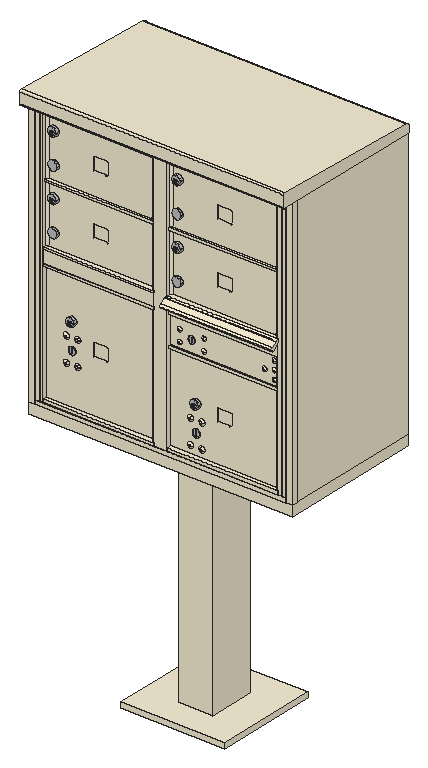
Revit family "Mailboxes_Cluster_Box_Units-Salsbury_Industries-Type_I_II_III_IV_V_VI", category Specialty Equipment, Revit 2016 (continued)
Definition of nested family "3300 Series CBU C-Door Configurations"
  Lines and regions (in)
    symbolic lines, visible <- "Visible Guides"
      curve 1: line (-6.4425, 0, 7) -> (6.4425, 0, 7)
      curve 2: line (-6.4425, 0, 0) -> (-6.4425, 0, 7)
      curve 3: line (6.4425, 0, 0) -> (-6.4425, 0, 0)
      curve 4: line (6.4425, 0, 7) -> (6.4425, 0, 0)
      curve 5: line (6.2475, 0, 0) -> (6.2475, 0, 6.75)
      curve 6: line (6.4425, 0, 6.75) -> (-6.4425, 0, 6.75)
      curve 7: line (5.99808, 0, 0) -> (5.99808, 0, 6.75)
      curve 8: circle (-5.49983, 0, 5.14878) r 0.5256 normal (0, -1, 0)
  Dimensions and locks (in)
    equal spacing: plane 6 "Back Face of Door", plane 1 "Center (Front/Back)", plane 7 "Front Face of Door"
    "Door Depth": plane 6 "Back Face of Door" to plane 7 "Front Face of Door"
    equal spacing: plane 4 "Left Side Face of Door", plane 3 "Center (Left/Right)", plane 5 "Right Side Face of Door"  (x2)
    "Door Width": plane 4 "Left Side Face of Door" to plane 5 "Right Side Face of Door"
    plane 7 "Front Face of Door" to plane 10 "Face of Divider" = 0.312"
    "Center Lock-Horizontal": plane 4 "Left Side Face of Door" to plane 11 "Center Lock Vertical"
    "Inset Offset": plane 16 "Inset Offset" to plane 7 "Front Face of Door"
    plane 4 "Left Side Face of Door" to plane 5 "Right Side Face of Door" = 12.885"
    plane 6 "Back Face of Door" to plane 10 "Face of Divider" = 0.426"  (x2)
    "Door Height": plane 8 to plane 2 "Bottom of Door"
    equal spacing: plane 8, plane 9, plane 2 "Bottom of Door"
    locked: plane 14 "Divider Height Align" to plane 8 at 0.25
    plane 17 to plane 9 to plane 18 = 0.37515" locked, 0.37452" locked
    plane 10 "Face of Divider" to plane 7 "Front Face of Door" = 0.312"
    locked: plane 10 "Face of Divider" to plane 13 "Face of Lock" at 0.01517
    "Center Lock-Vertical": plane 12 "Center Lock Horizontal" to plane 2 "Bottom of Door"
    plane 19 to plane 2 "Bottom of Door" = 1.605"
    plane 13 "Face of Lock" to plane 20 = 0.08152"
    aligned and locked: level to plane 2 "Bottom of Door"
    aligned and locked: plane 4 "Left Side Face of Door" to Extrusion 1
    aligned and locked: plane 6 "Back Face of Door" to Extrusion 1
    aligned and locked: plane 7 "Front Face of Door" to Extrusion 1
    aligned and locked: plane 8 to Extrusion 1
    aligned and locked: Extrusion 3 sketch curve to plane 4 "Left Side Face of Door"
    aligned and locked: Extrusion 3 sketch curve to plane 6 "Back Face of Door"
    aligned and locked: plane 5 "Right Side Face of Door" to Extrusion 3 sketch curve
    aligned and locked: Extrusion 3 to plane 8
    aligned and locked: plane 10 "Face of Divider" to Extrusion 3 sketch curve
    aligned and locked: plane 14 "Divider Height Align" to Extrusion 3
    aligned and locked: cut or joined group of Extrusion 1, Extrusion 6 to plane 2 "Bottom of Door"
    aligned and locked: plane 18 to text3d elem
    aligned and locked: curve 1 to Extrusion 3
    aligned and locked: curve 2 to Extrusion 3
    aligned and locked: curve 3 to cut or joined group of Extrusion 1, Extrusion 6
    aligned and locked: curve 4 to cut or joined group of Extrusion 1, Extrusion 6
    aligned and locked: curve 5 to cut or joined group of Extrusion 1, Extrusion 6
    aligned and locked: curve 6 to Extrusion 3
    aligned and locked: curve 7 to cut or joined group of Extrusion 1, Extrusion 6
    aligned and locked: plane 7 "Front Face of Door" to Extrusion 10
    aligned and locked: plane 20 to Extrusion 10
  Automatic sketch dimensions
    Extrusion 4 sketch curve to Extrusion 4 sketch curve = 0.285"
    Extrusion 6 sketch curve to plane 9 = 0.750"
    Extrusion 6 sketch curve to Extrusion 6 sketch curve = 0.125"  (x3)
    plane 9 to Extrusion 6 sketch curve = 0.625"  (x2)
    plane 3 "Center (Left/Right)" to Extrusion 6 sketch curve = 0.7775"
    plane 15 "Inset Center" to Extrusion 6 sketch curve = 0.750"
    Extrusion 5 sketch curve to Extrusion 5 sketch curve = 0.060"
    Extrusion 5 sketch curve to Extrusion 5 sketch curve = 0.300"
    Extrusion 8 sketch curve to Extrusion 8 sketch curve = 0.285"
    Extrusion 9 sketch curve to Extrusion 9 sketch curve = 0.060"
    Extrusion 9 sketch curve to Extrusion 9 sketch curve = 0.300"
    Extrusion 4 sketch curve to Extrusion 4 sketch curve = 0.000"  (x2)
    Extrusion 8 sketch curve to Extrusion 8 sketch curve = 0.000"  (x2)
    curve 8 to plane 11 "Center Lock Vertical" = 0.00067"
    plane 12 "Center Lock Horizontal" to curve 8 = 0.00378"
    Extrusion 1 sketch curve to plane 4 "Left Side Face of Door" = 0.000"
    Extrusion 1 sketch curve to plane 7 "Front Face of Door" = 0.000"
    Extrusion 1 sketch curve to plane 5 "Right Side Face of Door" = 0.000"
    Extrusion 1 sketch curve to plane 6 "Back Face of Door" = 0.000"
    Extrusion 1 sketch curve to Extrusion 1 sketch curve = 0.07534"
    Extrusion 1 sketch curve to Extrusion 1 sketch curve = 0.21183"
    Extrusion 1 sketch curve to plane 13 "Face of Lock" = 0.11122"
    plane 5 "Right Side Face of Door" to Extrusion 1 sketch curve = 0.61221"
    Extrusion 1 sketch curve to plane 7 "Front Face of Door" = 0.090"
    plane 5 "Right Side Face of Door" to Extrusion 1 sketch curve = 0.22088"
    Extrusion 1 sketch curve to Extrusion 1 sketch curve = 0.02588"
    plane 13 "Face of Lock" to Extrusion 1 sketch curve = 0.0053"
    Extrusion 1 sketch curve to Extrusion 1 sketch curve = 0.03534"
    Extrusion 10 sketch curve to plane 11 "Center Lock Vertical" = 0.000"
    Extrusion 10 sketch curve to plane 19 = 0.000"
    radius of Blend 2 sketch curve = 0.525"
    radius of Blend 2 sketch curve = 0.485"
    radius of Blend 7 sketch curve = 0.525"
    radius of Blend 7 sketch curve = 0.485"
    radius of curve 8 = 0.5256"
    radius of Extrusion 10 sketch curve = 0.525"
Definition of nested family "3300 Series CBU Parcel Configurations"
  Parameters (values of type "CBU Large Parcel without Divider")
    Weight = ""
    Visible Door Number = yes
    URL = ""
    Parcel Lock = yes
    Number Inset = yes
    Model = "3300 Parcel Door"
    Manufacturer = "Salsbury Industries"
    Lock Offset = 8.887"
    Lock Material = none
    Door Width = 12.885"
    Door Number [instance] = "1P"
    Front Panel Material = none
    Door Height = 13.750"
    Door Divider = no
    Door Depth = 0.114"
    Description = "Large Parcel Door for 3300 Series CBU Cluster Box Units"
    Cost = 0
    Center Lock-Vertical = 3.025"
    Center Lock-Horizontal = 3.025"
  Types (3): name | Lock Offset | Door Height | Door Divider | Description
    CBU Large Parcel | 8.887" | 13.750" | yes | "Large Parcel Door for 3300 Series CBU Cluster Box Units"
    CBU Small Parcel | 5.394" | 10.250" | yes | "Small Parcel Door for 3300 Series CBU Cluster Box Units"
    CBU Large Parcel without Divider | 8.887" | 13.750" | no | "Large Parcel Door for 3300 Series CBU Cluster Box Units"
  Reference planes (in)
    plane 1 "Center (Front/Back)": y = 0
    plane 2 "Bottom of Door": z = 0
    plane 3 "Center (Left/Right)": x = 0
    plane 4 "Left Side Face of Door": x = -6.4425
    plane 5 "Right Side Face of Door": x = 6.4425
    plane 6 "Back Face of Door": y = 0.057
    plane 7 "Front Face of Door": y = -0.057
    plane 8: z = 13.75
    plane 9 "Horiztonal Center of Door": z = 6.875
    plane 10 "Front Face of Divider": y = -0.369
    plane 11 "Center Lock Vertical": x = -3.4175
    plane 12 "Face of Lock": y = -0.42383
    plane 13 "Divider Height Align": z = 14
    plane 14 "Inset Center": x = -0.0975
    plane 15 "Bottom lock align": z = 5.79755
    plane 16 "Top Stud Align": z = 7.17255
    plane 17 "Bottom Stud Align": z = 4.36053
    plane 18 "Left Stud Align": x = -4.0738
    plane 19 "Right Stud Align": x = -2.7613
    plane 20 "Lock Center Align": z = 8.887
    plane 21: z = 8.74228
    plane 22: z = 8.5953
    plane 23 "PL6 Lock Offset Align": z = 0
    plane 24: y = -0.18295
    plane 25: z = 7.625
    plane 26: z = 6.125
    plane 27: z = 7.25
    plane 28: z = 6.5
  Forms (in)
    Extrusion 1, solid, material <- "Front Panel Material", visible <- "Number Inset"
      sketch origin (0, 0, 0) x (1, 0, 0) y (0, 1, 0)
        loop
          line (-6.4425, 0.057) -> (-6.4425, -0.057) -> (5.83029, -0.057)
          arc (5.83029, -0.057) -> (5.92959, -0.0858) -> (5.99808, -0.16325) r 0.18561
          arc (5.99808, -0.16325) -> (6.08667, -0.30916) -> (6.2475, -0.36636) r 0.2547
          arc (6.2475, -0.36636) -> (6.3867, -0.29375) -> (6.4425, -0.147) r 0.22088
          line (6.4425, -0.147) -> (6.4425, 0.057) -> (-6.4425, 0.057)
      from 0 to 13.75
    Blend 2, solid, material <- "Lock Material"
      base sketch origin (0, -0.057, 0) x (-1, 0, 0) y (0, 0, 1)
        loop
          circle (3.4175, 8.887) r 0.5
      top sketch origin (0, -0.057, 0) x (-1, 0, 0) y (0, 0, 1)
        loop
          circle (3.4175, 8.887) r 0.485
      from 0 to -0.29688
    Extrusion 3, solid, material <- "Front Panel Material", visible <- "Door Divider"
      sketch origin (0, 0, 14) x (-1, 0, 0) y (0, -1, 0)
        loop
          line (6.4425, -0.057) -> (6.4425, 0.369) -> (-6.4425, 0.369) -> (-6.4425, -0.057) -> (6.4425, -0.057)
      from -0.25 to 0
    Extrusion 4, void
      sketch origin (1.55773, -0.35387, 11.93273) x (0, 0, 1) y (-1, 0, 0)
        loop
          circle (-3.16573, 4.97523) r 0.285
      from 0 to -0.01562
    Extrusion 5, void
      sketch origin (0, -0.35387, 0) x (1, 0, 0) y (0, 0, 1)
        loop
          line (-3.44683, 8.887) -> (-3.44683, 8.5953) -> (-3.38683, 8.5953) -> (-3.38683, 8.887) -> (-3.44683, 8.887)
      from 0 to -0.03906
    Extrusion 6, void, detail levels medium+fine
      sketch origin (0, -0.057, 0) x (-1, 0, 0) y (0, 0, 1)
        loop
          line (0.8475, 7.625) -> (-0.6525, 7.625)
          arc (-0.6525, 7.625) -> (-0.74089, 7.58839) -> (-0.7775, 7.5) r 0.125
          line (-0.7775, 7.5) -> (-0.7775, 6.25)
          arc (-0.7775, 6.25) -> (-0.74089, 6.16161) -> (-0.6525, 6.125) r 0.125
          line (-0.6525, 6.125) -> (0.8475, 6.125)
          arc (0.8475, 6.125) -> (0.93589, 6.16161) -> (0.9725, 6.25) r 0.125
          line (0.9725, 6.25) -> (0.9725, 7.5)
          arc (0.9725, 7.5) -> (0.93589, 7.58839) -> (0.8475, 7.625) r 0.125
      from 0 to 0.03906
    Extrusion 7, void
      sketch origin (0, -0.057, 0) x (-1, 0, 0) y (0, 0, 1)
        loop
          circle (3.4175, 5.79755) r 0.4375
      from 0 to 0.25391
    Extrusion 8, solid, material <- "Lock Material", visible <- "Parcel Lock"
      sketch origin (0, 0.057, 0) x (-1, 0, 0) y (0, 0, 1)
        loop
          circle (3.4175, 5.79755) r 0.42913
      from 0 to -0.114
    Extrusion 9, void
      sketch origin (0, 0.057, 0) x (-1, 0, 0) y (0, 0, 1)
        loop
          line (3.4468, 6.10714) -> (3.3882, 6.10714) -> (3.3882, 5.48795) -> (3.4468, 5.48795) -> (3.4468, 6.10714)
      from -0.057 to -0.114
    Blend 10, solid, material <- "Front Panel Material", detail levels medium+fine
      base sketch origin (0, -0.12695, -2.2297) x (-1, 0, 0) y (0, 0, 1)
        loop
          circle (4.0738, 6.59023) r 0.15665
      top sketch origin (0, -0.12695, -2.2297) x (-1, 0, 0) y (0, 0, 1)
        loop
          circle (4.0738, 6.59023) r 0.3125
      from -0.056 to 0.06995
    Blend 11, solid, material <- "Front Panel Material", detail levels medium+fine
      base sketch origin (1.3125, -0.12695, -3.9797) x (-1, 0, 0) y (0, 0, 1)
        loop
          circle (4.0738, 8.34023) r 0.15665
      top sketch origin (1.3125, -0.12695, -3.9797) x (-1, 0, 0) y (0, 0, 1)
        loop
          circle (4.0738, 8.34023) r 0.3125
      from -0.056 to 0.06995
    Blend 12, solid, material <- "Front Panel Material", detail levels medium+fine
      base sketch origin (0, -0.12695, 4.08231) x (-1, 0, 0) y (0, 0, 1)
        loop
          circle (4.0738, 3.09023) r 0.15665
      top sketch origin (0, -0.12695, 4.08231) x (-1, 0, 0) y (0, 0, 1)
        loop
          circle (4.0738, 3.09023) r 0.3125
      from -0.056 to 0.06995
    Blend 13, solid, material <- "Front Panel Material", detail levels medium+fine
      base sketch origin (1.3125, -0.12695, 2.33231) x (-1, 0, 0) y (0, 0, 1)
        loop
          circle (4.0738, 4.84023) r 0.15665
      top sketch origin (1.3125, -0.12695, 2.33231) x (-1, 0, 0) y (0, 0, 1)
        loop
          circle (4.0738, 4.84023) r 0.3125
      from -0.056 to 0.06995
  Cuts and joins
    Extrusion 4, Extrusion 5 cuts Blend 2
    Extrusion 6, Extrusion 7 cuts Extrusion 1
    Extrusion 9 cuts Extrusion 8
  Lines and regions (in)
    symbolic lines
      curve 1: line (-6.4425, -0.057, 14) -> (6.4425, -0.057, 14)
      curve 2: line (-6.4425, -0.057, 0) -> (-6.4425, -0.057, 14)
      curve 3: line (6.4425, -0.057, 0) -> (-6.4425, -0.057, 0)
      curve 4: line (6.4425, -0.057, 14) -> (6.4425, -0.057, 0)
      curve 5: line (-6.4425, -0.057, 13.75) -> (6.4425, -0.057, 13.75)
      curve 6: line (5.99808, -0.057, 0) -> (5.99808, -0.057, 13.75)
      curve 7: line (6.2475, -0.057, 0) -> (6.2475, -0.057, 13.75)
      curve 8: circle (-3.41683, -0.057, 8.887) r 0.50041 normal (0, 1, 0)
      curve 9: circle (-3.4175, -0.057, 5.79755) r 0.42913 normal (0, 1, 0)
      curve 10: circle (-4.0738, -0.057, 7.17255) r 0.3125 normal (0, 1, 0)
      curve 11: circle (-2.7613, -0.057, 7.17255) r 0.3125 normal (0, 1, 0)
      curve 12: circle (-2.7613, -0.057, 4.36053) r 0.3125 normal (0, 1, 0)
      curve 13: circle (-4.0738, -0.057, 4.36053) r 0.3125 normal (0, 1, 0)
  Dimensions and locks (in)
    equal spacing: plane 6 "Back Face of Door", plane 1 "Center (Front/Back)", plane 7 "Front Face of Door"
    "Door Depth": plane 6 "Back Face of Door" to plane 7 "Front Face of Door"
    equal spacing: plane 4 "Left Side Face of Door", plane 3 "Center (Left/Right)", plane 5 "Right Side Face of Door"
    "Door Width": plane 4 "Left Side Face of Door" to plane 5 "Right Side Face of Door"
    equal spacing: plane 8, plane 9 "Horiztonal Center of Door", level
    plane 7 "Front Face of Door" to plane 10 "Front Face of Divider" = 0.312"
    "Center Lock-Vertical": plane 4 "Left Side Face of Door" to plane 11 "Center Lock Vertical"
    locked: plane 13 "Divider Height Align" to plane 8 at 0.25
    plane 6 "Back Face of Door" to plane 10 "Front Face of Divider" = 0.426"
    plane 4 "Left Side Face of Door" to plane 5 "Right Side Face of Door" = 12.885"
    plane 20 "Lock Center Align" to plane 21 to plane 22 = 0.14472" locked, 0.14698" locked
    plane 20 "Lock Center Align" to plane 16 "Top Stud Align" to plane 15 "Bottom lock align" to plane 17 "Bottom Stud Align" = 1.71445", 1.375", 1.43701" locked
    "Lock Offset": plane 20 "Lock Center Align" to level
    "Door Height": plane 8 to plane 2 "Bottom of Door"
    plane 18 "Left Stud Align" to plane 11 "Center Lock Vertical" to plane 19 "Right Stud Align" = 0.6563" locked, 0.6562" locked
    plane 25 to plane 9 "Horiztonal Center of Door" to plane 26 = 0.750" locked, 0.750" locked
    plane 27 to plane 9 "Horiztonal Center of Door" to plane 28 = 0.375", 0.375"
    aligned and locked: level to plane 2 "Bottom of Door"
    aligned and locked: plane 4 "Left Side Face of Door" to Extrusion 1
    aligned and locked: plane 6 "Back Face of Door" to Extrusion 1
    aligned and locked: plane 7 "Front Face of Door" to Extrusion 1
    aligned and locked: Extrusion 1 to level
    aligned and locked: plane 8 to Extrusion 1
    aligned and locked: Extrusion 3 sketch curve to plane 4 "Left Side Face of Door"
    aligned and locked: Extrusion 3 sketch curve to plane 6 "Back Face of Door"
    aligned and locked: plane 5 "Right Side Face of Door" to Extrusion 3 sketch curve
    aligned and locked: Extrusion 3 to plane 8
    aligned and locked: plane 13 "Divider Height Align" to Extrusion 3
    aligned and locked: plane 4 "Left Side Face of Door" to Extrusion 3
    aligned and locked: Extrusion 3 to plane 5 "Right Side Face of Door"
    aligned and locked: Blend 10 to cut or joined group of Extrusion 1, Extrusion 6, Extrusion 7
    aligned and locked: Blend 11 to cut or joined group of Extrusion 1, Extrusion 6, Extrusion 7
    aligned and locked: Blend 12 to cut or joined group of Extrusion 1, Extrusion 6, Extrusion 7
    aligned and locked: Blend 13 to cut or joined group of Extrusion 1, Extrusion 6, Extrusion 7
    aligned and locked: plane 16 "Top Stud Align" to Blend 12
    aligned and locked: plane 16 "Top Stud Align" to Blend 13
    aligned and locked: plane 17 "Bottom Stud Align" to Blend 10
    aligned and locked: plane 17 "Bottom Stud Align" to Blend 11
    aligned and locked: plane 22 to cut or joined group of Blend 2, Extrusion 4, Extrusion 5
    aligned and locked: plane 20 "Lock Center Align" to cut or joined group of Blend 2, Extrusion 4, Extrusion 5
    aligned and locked: cut or joined group of Extrusion 1, Extrusion 6, Extrusion 7 to plane 23 "PL6 Lock Offset Align"
    aligned and locked: Extrusion 8 to plane 7 "Front Face of Door"
    aligned and locked: Extrusion 3 to plane 10 "Front Face of Divider"
    aligned and locked: plane 25 to cut or joined group of Extrusion 1, Extrusion 6, Extrusion 7
    aligned and locked: plane 26 to cut or joined group of Extrusion 1, Extrusion 6, Extrusion 7
    aligned and locked: Extrusion 6 sketch curve to plane 25
    aligned and locked: plane 26 to Extrusion 6 sketch curve
    aligned and locked: plane 28 to text3d elem
    aligned and locked: plane 27 to text3d elem
    aligned and locked: curve 1 to Extrusion 3
    aligned and locked: curve 2 to Extrusion 3
    aligned and locked: curve 3 to cut or joined group of Extrusion 1, Extrusion 6, Extrusion 7
    aligned and locked: curve 4 to cut or joined group of Extrusion 1, Extrusion 6, Extrusion 7
    aligned and locked: curve 5 to Extrusion 3
    aligned and locked: curve 6 to cut or joined group of Extrusion 1, Extrusion 6, Extrusion 7
    aligned and locked: curve 7 to cut or joined group of Extrusion 1, Extrusion 6, Extrusion 7
  Automatic sketch dimensions
    plane 11 "Center Lock Vertical" to Extrusion 7 sketch curve = 0.000"
    Extrusion 7 sketch curve to plane 15 "Bottom lock align" = 0.000"
    plane 11 "Center Lock Vertical" to Extrusion 8 sketch curve = 0.000"
    Extrusion 8 sketch curve to plane 15 "Bottom lock align" = 0.000"
    Extrusion 9 sketch curve to plane 11 "Center Lock Vertical" = 0.0293"
    plane 11 "Center Lock Vertical" to Extrusion 9 sketch curve = 0.0293"
    Extrusion 9 sketch curve to plane 15 "Bottom lock align" = 0.30959"
    plane 15 "Bottom lock align" to Extrusion 9 sketch curve = 0.30959"
    Blend 10 sketch curve to plane 18 "Left Stud Align" = 0.000"  (x2)
    Blend 11 sketch curve to plane 19 "Right Stud Align" = 0.000"  (x2)
    plane 18 "Left Stud Align" to Blend 12 sketch curve = 0.000"  (x2)
    plane 19 "Right Stud Align" to Blend 13 sketch curve = 0.000"  (x2)
    Blend 12 sketch curve to plane 16 "Top Stud Align" = 0.000"  (x2)
    Blend 13 sketch curve to plane 16 "Top Stud Align" = 0.000"  (x2)
    plane 17 "Bottom Stud Align" to Blend 10 sketch curve = 0.000"  (x2)
    plane 17 "Bottom Stud Align" to Blend 11 sketch curve = 0.000"  (x2)
    Extrusion 4 sketch curve to Extrusion 4 sketch curve = 0.000"  (x2)
    plane 11 "Center Lock Vertical" to Extrusion 4 sketch curve = 0.000"
    plane 21 to Extrusion 4 sketch curve = 0.02472"
    Extrusion 4 sketch curve to plane 11 "Center Lock Vertical" = 0.285"
    plane 11 "Center Lock Vertical" to Blend 2 sketch curve = 0.000"  (x2)
    Blend 2 sketch curve to plane 20 "Lock Center Align" = 0.000"  (x2)
    Extrusion 3 sketch curve to plane 10 "Front Face of Divider" = 0.000"
    Extrusion 5 sketch curve to plane 22 = 0.000"
    Extrusion 5 sketch curve to plane 20 "Lock Center Align" = 0.000"
    plane 11 "Center Lock Vertical" to Extrusion 5 sketch curve = 0.02933"
    Extrusion 5 sketch curve to plane 11 "Center Lock Vertical" = 0.03067"
    Extrusion 1 sketch curve to plane 4 "Left Side Face of Door" = 0.000"
    Extrusion 1 sketch curve to plane 7 "Front Face of Door" = 0.000"
    Extrusion 1 sketch curve to plane 5 "Right Side Face of Door" = 0.000"
    Extrusion 1 sketch curve to plane 6 "Back Face of Door" = 0.000"
    Extrusion 1 sketch curve to plane 24 = 0.05966"
    plane 5 "Right Side Face of Door" to Extrusion 1 sketch curve = 0.61221"
    plane 24 to Extrusion 1 sketch curve = 0.03596"
    Extrusion 1 sketch curve to Extrusion 1 sketch curve = 0.22088"
    Extrusion 1 sketch curve to Extrusion 1 sketch curve = 0.02588"
    Extrusion 1 sketch curve to Extrusion 1 sketch curve = 0.03534"
    plane 3 "Center (Left/Right)" to Extrusion 6 sketch curve = 0.7775"
    Extrusion 6 sketch curve to Extrusion 6 sketch curve = 0.125"  (x3)
    plane 14 "Inset Center" to Extrusion 6 sketch curve = 0.750"  (x2)
    curve 12 to plane 17 "Bottom Stud Align" = 0.000"
    plane 19 "Right Stud Align" to curve 12 = 0.000"
    curve 11 to plane 16 "Top Stud Align" = 0.000"
    plane 19 "Right Stud Align" to curve 11 = 0.000"
    curve 8 to plane 20 "Lock Center Align" = 0.000"
    plane 11 "Center Lock Vertical" to curve 9 = 0.000"
    curve 10 to plane 16 "Top Stud Align" = 0.000"
    plane 18 "Left Stud Align" to curve 10 = 0.000"
    curve 13 to plane 17 "Bottom Stud Align" = 0.000"
    plane 18 "Left Stud Align" to curve 13 = 0.000"
    curve 9 to plane 15 "Bottom lock align" = 0.000"
    curve 8 to plane 11 "Center Lock Vertical" = 0.00067"
    radius of Extrusion 7 sketch curve = 0.4375"
    radius of Extrusion 8 sketch curve = 0.42913"
    radius of Blend 10 sketch curve = 0.15665"
    radius of Blend 10 sketch curve = 0.3125"
    radius of Blend 11 sketch curve = 0.15665"
    radius of Blend 11 sketch curve = 0.3125"
    radius of Blend 12 sketch curve = 0.15665"
    radius of Blend 12 sketch curve = 0.3125"
    radius of Blend 13 sketch curve = 0.15665"
    radius of Blend 13 sketch curve = 0.3125"
    radius of Blend 2 sketch curve = 0.500"
    radius of Blend 2 sketch curve = 0.485"
    radius of curve 8 = 0.50041"
    radius of curve 9 = 0.42913"
    radius of curve 10 = 0.3125"
    radius of curve 11 = 0.3125"
    radius of curve 12 = 0.3125"
    radius of curve 13 = 0.3125"
Definition of nested family "3300 Series CBU Small Mail Configuration"
  Parameters (values of type "Small Mail Door")
    Weight = ""
    URL = ""
    Top Stud Alignment = 2.000"
    Parcel Lock = yes
    Model = "3700OM2"
    Manufacturer = "Salsbury Industries"
    Mail Plate Text Height = 0.34945"
    Lock Material = none
    Front Panel Material = none
    Door Width = 12.885"
    Door Number [instance] = "101"
    Door Height = 5.250"
    Door Depth = 0.171"
    Description = "OM2 Door for 3700 Series 4C Mailboxes"
    Cost = 0
    Center Lock-Vertical = 2.550"
    Center Lock-Horizontal = 1.927"
  Reference planes (in)
    plane 1 "Center (Front/Back)": y = 0
    plane 2 "Bottom of Door": z = 0
    plane 3 "Center (Left/Right)": x = 0
    plane 4 "Left Side Face of Door": x = -6.4425
    plane 5 "Right Side Face of Door": x = 6.4425
    plane 6 "Back Face of Door": y = 0.0855
    plane 7 "Front Face of Door": y = -0.0855
    plane 8: z = 3.25
    plane 9 "Center": z = 1.625
    plane 10 "Face of Mail Drop": y = -0.3405
    plane 11 "Center Lock Vertical": x = -3.8925
    plane 12 "Center Lock Horizontal": z = 1.323
    plane 13 "Protrusion Start": y = -0.52801
    plane 14 "Divider Height Align": z = 3.251
    plane 15 "Plate Center": x = -0.16063
    plane 16 "Left Stud Align": x = -5.2675
    plane 17 "Right Stud Align": x = -2.4555
    plane 18 "Top Stud Align": z = 1.979
    plane 19 "Bottom Stud Align": z = 0.667
    plane 20 "Top of Mail Drop Divider": z = 5.25
    plane 21 "Top of Mail Slot": z = 4.6704
    plane 22 "Bottom of Mail Slot": z = 3.995
    plane 23 "Left Edge of Mail Slot": x = -5.8585
    plane 24 "Right Edge of Mail Slot": x = 5.8585
    plane 25 "Mail Slot Bottom Protusion": z = 4.7954
    plane 26: y = -0.424
    plane 27: z = 4.4059
    plane 28 "Hing Alignment": x = 5.6715
    plane 29 "Hinge Stud 1": z = 0.575
    plane 30 "Hinge Stud 3": z = 1.575
    plane 31 "Hinge Stud 4": z = 2.575
    plane 32: x = 4.5245
    plane 33: z = 1.55983
    plane 34: z = 1.07581
    plane 35: z = 1.54976
    plane 36: z = 1.09595
  Forms (in)
    Extrusion 1, solid, material <- "Front Panel Material"
      sketch origin (0, 0, 0) x (1, 0, 0) y (0, 1, 0)
        loop
          line (-6.4425, 0.0855) -> (-6.4425, -0.0855) -> (5.8458, -0.0855)
          arc (5.8458, -0.0855) -> (5.96407, -0.1166) -> (6.05175, -0.20184) r 0.24047
          arc (6.05175, -0.20184) -> (6.13128, -0.29316) -> (6.2475, -0.32718) r 0.21552
          arc (6.2475, -0.32718) -> (6.38241, -0.2966) -> (6.4425, -0.172) r 0.15925
          line (6.4425, -0.172) -> (6.4425, 0.0855) -> (-6.4425, 0.0855)
      from 0 to 3.25
    Extrusion 2, void
      sketch origin (0, -0.0855, 3.098) x (-1, 0, 0) y (0, 0, 1)
        loop
          circle (3.8925, -1.775) r 0.407
      from 0 to 0.25391
    Extrusion 3, solid, material <- "Lock Material", visible <- "Parcel Lock"
      sketch origin (0, 0.0855, 3.09941) x (-1, 0, 0) y (0, 0, 1)
        loop
          circle (3.8925, -1.775) r 0.387
      from 0 to -0.171
    Blend 4, solid, material <- "Front Panel Material", detail levels medium+fine
      base sketch origin (0, -0.0855, 2.68123) x (-1, 0, 0) y (0, 0, 1)
        loop
          circle (5.2675, -0.70223) r 0.1
      top sketch origin (0, -0.0855, 2.68123) x (-1, 0, 0) y (0, 0, 1)
        loop
          circle (5.2675, -0.70223) r 0.227
      from -0.11328 to 0
    Blend 5, solid, material <- "Front Panel Material", detail levels medium+fine
      base sketch origin (1.3125, -0.0855, 2.68123) x (-1, 0, 0) y (0, 0, 1)
        loop
          circle (3.768, -0.70223) r 0.1
      top sketch origin (1.3125, -0.0855, 2.68123) x (-1, 0, 0) y (0, 0, 1)
        loop
          circle (3.768, -0.70223) r 0.227
      from -0.11328 to 0
    Blend 6, solid, material <- "Front Panel Material", detail levels medium+fine
      base sketch origin (0, -0.0855, 1.36923) x (-1, 0, 0) y (0, 0, 1)
        loop
          circle (5.2675, -0.70223) r 0.1
      top sketch origin (0, -0.0855, 1.36923) x (-1, 0, 0) y (0, 0, 1)
        loop
          circle (5.2675, -0.70223) r 0.227
      from -0.11328 to 0
    Blend 7, solid, material <- "Front Panel Material", detail levels medium+fine
      base sketch origin (1.3125, -0.0855, 1.36923) x (-1, 0, 0) y (0, 0, 1)
        loop
          circle (3.768, -0.70223) r 0.1
      top sketch origin (1.3125, -0.0855, 1.36923) x (-1, 0, 0) y (0, 0, 1)
        loop
          circle (3.768, -0.70223) r 0.227
      from -0.11328 to 0
    Extrusion 8, solid, material <- "Front Panel Material"
      sketch origin (-2.13946, 0, 3.251) x (-1, 0, 0) y (0, -1, 0)
        loop
          line (4.30304, -0.0855) -> (4.30304, 0.3405) -> (-8.58196, 0.3405) -> (-8.58196, -0.0855) -> (4.30304, -0.0855)
      from 0 to 1.5444
    Extrusion 9, void
      sketch origin (0, -0.275, 0) x (0, 0, -1) y (-1, 0, 0)
        loop
          arc (-3.995, 5.59361) -> (-4.3952, 5.99381) -> (-4.7954, 5.59361) r 0.4002
          line (-4.7954, 5.59361) -> (-4.7954, -5.59342)
          arc (-4.7954, -5.59342) -> (-4.3952, -5.99362) -> (-3.995, -5.59342) r 0.4002
          line (-3.995, -5.59342) -> (-3.995, 5.59361)
      from -0.0655 to 0.3605
    Blend 10, solid, material <- "Front Panel Material", detail levels medium+fine
      base sketch origin (0, -0.0855, 0) x (-1, 0, 0) y (0, 0, 1)
        loop
          circle (-5.672, 0.575) r 0.1
      top sketch origin (0, -0.0855, 0) x (-1, 0, 0) y (0, 0, 1)
        loop
          circle (-5.672, 0.575) r 0.227
      from -0.11328 to 0
    Blend 11, solid, material <- "Front Panel Material", detail levels medium+fine
      base sketch origin (0, -0.0855, 0) x (-1, 0, 0) y (0, 0, 1)
        loop
          circle (-5.6715, 1.575) r 0.1
      top sketch origin (0, -0.0855, 0) x (-1, 0, 0) y (0, 0, 1)
        loop
          circle (-5.6715, 1.575) r 0.227
      from -0.11328 to 0
    Blend 12, solid, material <- "Front Panel Material", detail levels medium+fine
      base sketch origin (0, -0.0855, 0) x (-1, 0, 0) y (0, 0, 1)
        loop
          circle (-5.6715, 2.575) r 0.1
      top sketch origin (0, -0.0855, 0) x (-1, 0, 0) y (0, 0, 1)
        loop
          circle (-5.6715, 2.575) r 0.227
      from -0.11328 to 0
    Blend 13, solid, material <- "Front Panel Material", detail levels medium+fine
      base sketch origin (0, -0.0855, 0) x (-1, 0, 0) y (0, 0, 1)
        loop
          circle (-4.54354, 1.323) r 0.1
      top sketch origin (0, -0.0855, 0) x (-1, 0, 0) y (0, 0, 1)
        loop
          circle (-4.54354, 1.323) r 0.227
      from -0.11328 to 0
    Extrusion 14, solid, material <- "Front Panel Material"
      sketch origin (0, 0.12945, 0) x (0, 1, 0) y (0, 0, 1)
        loop
          line (-0.04395, 4.7954) -> (-0.04395, 5.25) -> (-0.65745, 5.25) -> (-0.88554, 5.0876) -> (-0.86234, 5.05501) -> (-1.43235, 4.64917) -> (-1.45555, 4.68175) -> (-1.65921, 4.53675) -> (-1.4707, 4.272) -> (-0.65745, 4.85104)
          arc (-0.65745, 4.85104) -> (-0.55014, 4.86892) -> (-0.46995, 4.7954) r 0.12413
          line (-0.46995, 4.7954) -> (-0.04395, 4.7954)
      from -6.4425 to 6.4425
    Extrusion 15, void
      sketch origin (0, 0.0855, 3.58463) x (-1, 0, 0) y (0, 0, 1)
        loop
          line (3.9218, -2.0248) -> (3.8632, -2.0248) -> (3.8632, -2.50882) -> (3.9218, -2.50882) -> (3.9218, -2.0248)
      from -0.0855 to -0.1902
  Cuts and joins
    Extrusion 2 cuts Extrusion 1
    Extrusion 9 cuts Extrusion 8
    Extrusion 15 cuts Extrusion 3
  Lines and regions (in)
    reference lines
      curve 1: line (0, -0.73289, 5.05501) -> (0, -1.50655, 4.50416)
      curve 2: line (-2.84022, -0.73418, 4.7954) -> (3.90978, -0.73418, 4.7954)
      curve 21: line (5.4425, -1.3261, 4.68175) -> (5.4425, -1.1376, 4.417)
      curve 22: line (5.4425, -1.04144, 4.88443) -> (5.4425, -0.85293, 4.61968)
    symbolic lines
      curve 3: line (-6.4425, -0.528, 4.7954) -> (6.4425, -0.528, 4.7954)
      curve 4: line (-6.4425, -1.52975, 4.7954) -> (-6.4425, -0.528, 4.7954)
      curve 5: line (6.4425, -1.52975, 4.7954) -> (-6.4425, -1.52975, 4.7954)
      curve 6: line (6.4425, -0.528, 4.7954) -> (6.4425, -1.52975, 4.7954)
      curve 7: line (-6.4425, -0.0855, 5.25) -> (6.4425, -0.0855, 5.25)
      curve 8: line (-6.4425, -0.0855, 0) -> (-6.4425, -0.0855, 5.25)
      curve 9: line (6.4425, -0.0855, 0) -> (-6.4425, -0.0855, 0)
      curve 10: line (6.4425, -0.0855, 5.25) -> (6.4425, -0.0855, 0)
      curve 11: line (-6.4425, -0.0855, 4.272) -> (6.4425, -0.0855, 4.272)
      curve 12: line (-6.4425, -0.0855, 3.251) -> (6.4425, -0.0855, 3.251)
      curve 13: arc (-5.9425, -0.0855, 4.272) -> (-5.86137, -0.0855, 4.07613) -> (-5.6655, -0.0855, 3.995) r 0.277
      curve 14: arc (5.97418, -0.0855, 4.272) -> (5.82885, -0.0855, 4.07158) -> (5.59342, -0.0855, 3.995) r 0.4002
      curve 15: line (5.59342, -0.0855, 3.995) -> (-5.59361, -0.0855, 3.995)
      curve 16: circle (-3.8925, -0.0855, 1.323) r 0.3879 normal (0, 1, 0)
      curve 17: circle (-5.2675, -0.0855, 1.979) r 0.227 normal (0, 1, 0)
      curve 18: circle (-5.2675, -0.0855, 0.667) r 0.227 normal (0, 1, 0)
      curve 19: circle (-2.4555, -0.0855, 0.667) r 0.227 normal (0, 1, 0)
      curve 20: circle (-2.4555, -0.0855, 1.979) r 0.227 normal (0, 1, 0)
  Dimensions and locks (in)
    equal spacing: plane 6 "Back Face of Door", plane 1 "Center (Front/Back)", plane 7 "Front Face of Door"
    "Door Depth": plane 6 "Back Face of Door" to plane 7 "Front Face of Door"
    equal spacing: plane 4 "Left Side Face of Door", plane 3 "Center (Left/Right)", plane 5 "Right Side Face of Door"
    "Door Width": plane 4 "Left Side Face of Door" to plane 5 "Right Side Face of Door"
    plane 20 "Top of Mail Drop Divider" to plane 8 to level = 2.000", 3.250"
    equal spacing: plane 8, plane 9 "Center", level
    plane 7 "Front Face of Door" to plane 10 "Face of Mail Drop" = 0.255"
    "Center Lock-Vertical": plane 4 "Left Side Face of Door" to plane 11 "Center Lock Vertical"
    "Center Lock-Horizontal": plane 8 to plane 12 "Center Lock Horizontal"
    plane 4 "Left Side Face of Door" to plane 16 "Left Stud Align" to plane 17 "Right Stud Align" = 1.175", 2.812"
    "Door Height": plane 20 "Top of Mail Drop Divider" to level
    plane 20 "Top of Mail Drop Divider" to plane 21 "Top of Mail Slot" = 0.5796"
    plane 21 "Top of Mail Slot" to plane 22 "Bottom of Mail Slot" = 0.6754"
    locked: plane 4 "Left Side Face of Door" to plane 23 "Left Edge of Mail Slot" at 0.584
    locked: plane 24 "Right Edge of Mail Slot" to plane 5 "Right Side Face of Door" at 0.584
    plane 25 "Mail Slot Bottom Protusion" to plane 21 "Top of Mail Slot" = 0.125"
    plane 25 "Mail Slot Bottom Protusion" to plane 27 = 0.3895"
    plane 4 "Left Side Face of Door" to plane 5 "Right Side Face of Door" = 12.885"
    plane 27 to plane 22 "Bottom of Mail Slot" = 0.4109"
    plane 32 to plane 28 "Hing Alignment" to plane 5 "Right Side Face of Door" = 1.147", 0.771"
    plane 22 "Bottom of Mail Slot" to plane 14 "Divider Height Align" = 0.744"
    plane 33 to plane 12 "Center Lock Horizontal" to plane 34 = 0.23683" locked, 0.24719" locked
    plane 18 "Top Stud Align" to plane 12 "Center Lock Horizontal" to plane 19 "Bottom Stud Align" = 0.656" locked, 0.656" locked
    plane 35 to plane 12 "Center Lock Horizontal" to plane 36 = 0.22676", 0.22705"
    locked: plane 30 "Hinge Stud 3" to plane 12 "Center Lock Horizontal" at 0.252
    equal spacing: plane 31 "Hinge Stud 4", plane 30 "Hinge Stud 3", plane 29 "Hinge Stud 1"
    "Top Stud Alignment": plane 31 "Hinge Stud 4" to plane 29 "Hinge Stud 1"
    curve 21 to text3d elem = 0.349"
    locked: plane 27 to curve 1 (angle 35.451°)
    aligned and locked: level to plane 2 "Bottom of Door"
    aligned and locked: plane 4 "Left Side Face of Door" to Extrusion 1
    aligned and locked: plane 6 "Back Face of Door" to Extrusion 1
    aligned and locked: plane 7 "Front Face of Door" to Extrusion 1
    aligned and locked: Extrusion 1 to level
    aligned and locked: plane 8 to Extrusion 1
    aligned and locked: cut or joined group of Extrusion 8, Extrusion 9 to cut or joined group of Extrusion 8, Extrusion 9
    aligned and locked: plane 25 "Mail Slot Bottom Protusion" to Extrusion 9
    aligned and locked: plane 34 to cut or joined group of Extrusion 3, Extrusion 15
    aligned and locked: plane 33 to cut or joined group of Extrusion 3, Extrusion 15
    aligned and locked: plane 31 "Hinge Stud 4" to Blend 12
    aligned and locked: plane 30 "Hinge Stud 3" to Blend 11
    aligned and locked: plane 29 "Hinge Stud 1" to Blend 10
    aligned and locked: plane 12 "Center Lock Horizontal" to Blend 13
    aligned and locked: curve 1 to text3d elem
    aligned and locked: curve 3 to Extrusion 14
    aligned and locked: curve 4 to Extrusion 14
    aligned and locked: curve 5 to Extrusion 14
    aligned and locked: curve 6 to Extrusion 14
    aligned and locked: curve 7 to Extrusion 14
    aligned and locked: curve 8 to Extrusion 14
    aligned and locked: curve 9 to cut or joined group of Extrusion 1, Extrusion 2
    aligned and locked: curve 10 to cut or joined group of Extrusion 1, Extrusion 2
    aligned and locked: curve 11 to Extrusion 14
    aligned and locked: curve 12 to cut or joined group of Extrusion 8, Extrusion 9
    aligned and locked: cut or joined group of Extrusion 8, Extrusion 9 to curve 13
    aligned and locked: curve 14 to cut or joined group of Extrusion 8, Extrusion 9
    aligned and locked: curve 21 to Extrusion 14
  Automatic sketch dimensions
    plane 11 "Center Lock Vertical" to Extrusion 2 sketch curve = 0.000"
    Extrusion 2 sketch curve to plane 12 "Center Lock Horizontal" = 0.000"
    plane 11 "Center Lock Vertical" to Extrusion 3 sketch curve = 0.000"
    plane 12 "Center Lock Horizontal" to Extrusion 3 sketch curve = 0.00141"
    plane 16 "Left Stud Align" to Blend 4 sketch curve = 0.000"  (x2)
    Blend 4 sketch curve to plane 18 "Top Stud Align" = 0.000"  (x2)
    plane 17 "Right Stud Align" to Blend 5 sketch curve = 0.000"  (x2)
    Blend 5 sketch curve to plane 18 "Top Stud Align" = 0.000"  (x2)
    plane 16 "Left Stud Align" to Blend 6 sketch curve = 0.000"  (x2)
    Blend 6 sketch curve to plane 19 "Bottom Stud Align" = 0.000"  (x2)
    plane 17 "Right Stud Align" to Blend 7 sketch curve = 0.000"  (x2)
    Blend 7 sketch curve to plane 19 "Bottom Stud Align" = 0.000"  (x2)
    Extrusion 1 sketch curve to plane 4 "Left Side Face of Door" = 0.000"
    Extrusion 1 sketch curve to plane 7 "Front Face of Door" = 0.000"
    Extrusion 1 sketch curve to plane 5 "Right Side Face of Door" = 0.000"
    Extrusion 1 sketch curve to plane 6 "Back Face of Door" = 0.000"
    plane 24 "Right Edge of Mail Slot" to Extrusion 1 sketch curve = 0.0127"
    Extrusion 1 sketch curve to plane 7 "Front Face of Door" = 0.02616"
    plane 5 "Right Side Face of Door" to Extrusion 1 sketch curve = 0.195"
    Extrusion 1 sketch curve to Extrusion 1 sketch curve = 0.03575"
    plane 1 "Center (Front/Back)" to Extrusion 1 sketch curve = 0.172"
    Extrusion 1 sketch curve to Extrusion 1 sketch curve = 0.24047"
    Extrusion 8 sketch curve to plane 5 "Right Side Face of Door" = 0.000"
    Extrusion 8 sketch curve to plane 4 "Left Side Face of Door" = 0.000"
    Extrusion 8 sketch curve to plane 6 "Back Face of Door" = 0.000"
    Extrusion 8 sketch curve to plane 10 "Face of Mail Drop" = 0.000"
    Extrusion 9 sketch curve to plane 25 "Mail Slot Bottom Protusion" = 0.000"
    Extrusion 9 sketch curve to plane 22 "Bottom of Mail Slot" = 0.000"
    plane 28 "Hing Alignment" to Extrusion 9 sketch curve = 0.07808"
    Extrusion 9 sketch curve to plane 23 "Left Edge of Mail Slot" = 0.26489"
    Extrusion 14 sketch curve to plane 20 "Top of Mail Drop Divider" = 0.000"
    Extrusion 14 sketch curve to plane 10 "Face of Mail Drop" = 0.000"
    Extrusion 14 sketch curve to plane 6 "Back Face of Door" = 0.000"
    Extrusion 14 sketch curve to plane 25 "Mail Slot Bottom Protusion" = 0.000"
    Extrusion 14 sketch curve to plane 26 = 0.032"
    Extrusion 14 sketch curve to plane 26 = 0.104"
    plane 25 "Mail Slot Bottom Protusion" to Extrusion 14 sketch curve = 0.05564"
    Extrusion 14 sketch curve to Extrusion 14 sketch curve = 0.072"
    plane 13 "Protrusion Start" to Extrusion 14 sketch curve = 0.20488"
    Extrusion 14 sketch curve to Extrusion 14 sketch curve = 0.0232"
    Extrusion 14 sketch curve to plane 21 "Top of Mail Slot" = 0.02123"
    plane 13 "Protrusion Start" to Extrusion 14 sketch curve = 0.77489"
    plane 21 "Top of Mail Slot" to Extrusion 14 sketch curve = 0.01135"
    Extrusion 14 sketch curve to plane 27 = 0.1339"
    plane 30 "Hinge Stud 3" to Extrusion 15 sketch curve = 0.01517"
    Extrusion 15 sketch curve to plane 11 "Center Lock Vertical" = 0.0293"
    Extrusion 15 sketch curve to Extrusion 15 sketch curve = 0.05859"
    Extrusion 15 sketch curve to plane 12 "Center Lock Horizontal" = 0.24719"
    plane 13 "Protrusion Start" to curve 2 = 0.20617"
    plane 32 to curve 2 = 0.61472"
    plane 17 "Right Stud Align" to curve 2 = 0.38472"
    Blend 13 sketch curve to plane 12 "Center Lock Horizontal" = 0.000"  (x2)
    Blend 13 sketch curve to plane 32 = 0.01904"  (x2)
    plane 28 "Hing Alignment" to Blend 11 sketch curve = 0.000"  (x2)
    Blend 11 sketch curve to plane 30 "Hinge Stud 3" = 0.000"  (x2)
    plane 28 "Hing Alignment" to Blend 12 sketch curve = 0.000"  (x2)
    Blend 12 sketch curve to plane 31 "Hinge Stud 4" = 0.000"  (x2)
    Blend 10 sketch curve to plane 29 "Hinge Stud 1" = 0.000"  (x2)
    Blend 10 sketch curve to plane 28 "Hing Alignment" = 0.0005"  (x2)
    plane 17 "Right Stud Align" to curve 20 = 0.000"
    plane 17 "Right Stud Align" to curve 19 = 0.000"
    plane 11 "Center Lock Vertical" to curve 16 = 0.000"
    plane 16 "Left Stud Align" to curve 17 = 0.000"
    plane 16 "Left Stud Align" to curve 18 = 0.000"
    curve 18 to plane 19 "Bottom Stud Align" = 0.000"
    curve 19 to plane 19 "Bottom Stud Align" = 0.000"
    curve 16 to plane 12 "Center Lock Horizontal" = 0.000"
    curve 20 to plane 18 "Top Stud Align" = 0.000"
    curve 17 to plane 18 "Top Stud Align" = 0.000"
    curve 14 to plane 27 = 0.0107"
    plane 28 "Hing Alignment" to curve 14 = 0.07808"
    curve 13 to plane 23 "Left Edge of Mail Slot" = 0.193"
    curve 15 to curve 13 = 0.07189"
    plane 27 to curve 1 = 0.09826"
    plane 13 "Protrusion Start" to curve 1 = 0.20488"
    plane 25 "Mail Slot Bottom Protusion" to curve 22 = 0.08903"
    plane 27 to curve 22 = 0.21378"
    plane 13 "Protrusion Start" to curve 22 = 0.32492"
    plane 21 "Top of Mail Slot" to curve 21 = 0.01135"
    plane 27 to curve 21 = 0.0111"
    curve 22 to curve 21 = 0.28466"  (x2)
    curve 22 to curve 22 = 0.1885"
    radius of Extrusion 2 sketch curve = 0.407"
    radius of Extrusion 3 sketch curve = 0.387"
    radius of Blend 4 sketch curve = 0.100"
    radius of Blend 4 sketch curve = 0.227"
    radius of Blend 5 sketch curve = 0.100"
    radius of Blend 5 sketch curve = 0.227"
    radius of Blend 6 sketch curve = 0.100"
    radius of Blend 6 sketch curve = 0.227"
    radius of Blend 7 sketch curve = 0.100"
    radius of Blend 7 sketch curve = 0.227"
    radius of Blend 13 sketch curve = 0.100"
    radius of Blend 13 sketch curve = 0.227"
    radius of Blend 11 sketch curve = 0.100"
    radius of Blend 11 sketch curve = 0.227"
    radius of Blend 12 sketch curve = 0.100"
    radius of Blend 12 sketch curve = 0.227"
    radius of Blend 10 sketch curve = 0.100"
    radius of Blend 10 sketch curve = 0.227"
    radius of curve 16 = 0.3879"
    radius of curve 17 = 0.227"
    radius of curve 18 = 0.227"
    radius of curve 19 = 0.227"
    radius of curve 20 = 0.227"
Definition of nested family "3300 Series CBU Door Configurations"
  Parameters (values of type "C Door w/ Divider")
    Weight = "1 lb."
    Visible Guides = yes
    Visible Door Number = yes
    URL = ""
    Model = "3300 C Door"
    Manufacturer = "Salsbury Industries"
    Lock Material = none
    Inset Offset = 0.000"
    Front Panel Material = none
    Door Width = 12.885"
    Door Visibility-MB1 = yes
    Door Number [instance] = "101"
    Door Lock = yes
    Door Height = 6.750"
    Door Divider = yes
    Door Depth = 0.114"
    Description = "C Door for 3300 Series CBU Cluster Box Units"
    Cost = 0
    Center Lock-Vertical = 0.942"
    Center Lock-Horizontal = 1.61523"
  Types (7): name | Visible Guides | Visible Door Number | Model | Door Visibility-MB1 | Door Lock | Door Height | Door Divider | Description
    B Door w/ Divider | yes | yes | "3300 B Door" | yes | yes | 5.000" | yes | "B Door for 3300 Series CBU Cluster Box Units"
    A Door | yes | yes | "3300 A Door" | yes | yes | 3.250" | no | "A Door for 3300 Series CBU Cluster Box Units"
    A Door w/ Divider | yes | yes | "3300 A Door" | yes | yes | 3.250" | yes | "A Door for 3300 Series CBU Cluster Box Units"
    B Door | yes | yes | "3300 B Door" | yes | yes | 5.000" | no | "B Door for 3300 Series CBU Cluster Box Units"
    Empty | no | no | "3300 A Door" | no | no | 3.250" | no | "A Door for 3300 Series CBU Cluster Box Units"
    C Door w/ Divider | yes | yes | "3300 C Door" | yes | yes | 6.750" | yes | "C Door for 3300 Series CBU Cluster Box Units"
    C Door | yes | yes | "3300 C Door" | yes | yes | 6.750" | no | "C Door for 3300 Series CBU Cluster Box Units"
  Reference planes (in)
    plane 1 "Center (Front/Back)": y = 0
    plane 2 "Bottom of Door": z = 0
    plane 3 "Center (Left/Right)": x = 0
    plane 4 "Left Side Face of Door": x = -6.4425
    plane 5 "Right Side Face of Door": x = 6.4425
    plane 6 "Back Face of Door": y = 0.057
    plane 7 "Front Face of Door": y = -0.057
    plane 8: z = 6.75
    plane 9: z = 3.375
    plane 10 "Face of Divider": y = -0.369
    plane 11 "Center Lock Vertical": x = -5.5005
    plane 12 "Center Lock Horizontal": z = 3.153
    plane 13 "Face of Lock": y = -0.35383
    plane 14 "Divider Height Align": z = 7
    plane 15 "Inset Center": x = -0.0975
    plane 16 "Inset Offset": y = -0.057
    plane 17: z = 3.75015
    plane 18: z = 3.00048
  Forms (in)
    Extrusion 1, solid, material <- "Front Panel Material", visible <- "Door Visibility-MB1"
      sketch origin (0, 0, 0) x (1, 0, 0) y (0, 1, 0)
        loop
          line (-6.4425, 0.057) -> (-6.4425, -0.1437) -> (-6.36716, -0.1437)
          arc (-6.36716, -0.1437) -> (-6.26977, -0.07951) -> (-6.15533, -0.057) r 0.30212
          line (-6.15533, -0.057) -> (5.83029, -0.057)
          arc (5.83029, -0.057) -> (5.92959, -0.0858) -> (5.99808, -0.16325) r 0.18561
          arc (5.99808, -0.16325) -> (6.08667, -0.30916) -> (6.2475, -0.36636) r 0.2547
          arc (6.2475, -0.36636) -> (6.3867, -0.29375) -> (6.4425, -0.147) r 0.22088
          line (6.4425, -0.147) -> (6.4425, 0.057) -> (-6.4425, 0.057)
      from 0 to 6.75
    Blend 2, solid, material <- "Lock Material", visible <- "Door Lock"
      base sketch origin (0, -0.057, -0.22652) x (-1, 0, 0) y (0, 0, 1)
        loop
          circle (5.5005, 3.375) r 0.525
      top sketch origin (0, -0.057, -0.22652) x (-1, 0, 0) y (0, 0, 1)
        loop
          circle (5.5005, 3.375) r 0.485
      from 0 to -0.29688
    Extrusion 3, solid, material <- "Front Panel Material", visible <- "Door Divider"
      sketch origin (0, 0, 7) x (-1, 0, 0) y (0, -1, 0)
        loop
          line (6.4425, -0.057) -> (6.4425, 0.369) -> (-6.4425, 0.369) -> (-6.4425, -0.057) -> (6.4425, -0.057)
      from -0.25 to 0
    Extrusion 4, void
      sketch origin (0, -0.35383, -0.22652) x (1, 0, 0) y (0, 0, 1)
        loop
          circle (-5.5005, 3.255) r 0.285
      from 0 to -0.01562
    Extrusion 5, void
      sketch origin (0, -0.35383, -0.22652) x (1, 0, 0) y (0, 0, 1)
        loop
          line (-5.52983, 3.3833) -> (-5.52983, 3.0833) -> (-5.46983, 3.0833) -> (-5.46983, 3.3833) -> (-5.52983, 3.3833)
      from 0 to -0.03906
    Extrusion 6, void
      sketch origin (0, -0.057, 0) x (0, 0, 1) y (-1, 0, 0)
        loop
          arc (4.125, 0.8475) -> (4.08839, 0.93589) -> (4, 0.9725) r 0.125
          line (4, 0.9725) -> (2.75, 0.9725)
          arc (2.75, 0.9725) -> (2.66161, 0.93589) -> (2.625, 0.8475) r 0.125
          line (2.625, 0.8475) -> (2.625, -0.6525)
          arc (2.625, -0.6525) -> (2.66161, -0.74089) -> (2.75, -0.7775) r 0.125
          line (2.75, -0.7775) -> (4, -0.7775)
          arc (4, -0.7775) -> (4.08839, -0.74089) -> (4.125, -0.6525) r 0.125
          line (4.125, -0.6525) -> (4.125, 0.8475)
      from 0 to -0.03906
  Cuts and joins
    Extrusion 4, Extrusion 5 cuts Blend 2
    Extrusion 6 cuts Extrusion 1
  Lines and regions (in)
    symbolic lines, visible <- "Visible Guides"
      curve 1: line (-6.4425, 0, 7) -> (6.4425, 0, 7)
      curve 2: line (-6.4425, 0, 0) -> (-6.4425, 0, 7)
      curve 3: line (6.4425, 0, 0) -> (-6.4425, 0, 0)
      curve 4: line (6.4425, 0, 7) -> (6.4425, 0, 0)
      curve 5: line (6.2475, 0, 0) -> (6.2475, 0, 6.75)
      curve 6: line (6.4425, 0, 6.75) -> (-6.4425, 0, 6.75)
      curve 7: line (5.99808, 0, 0) -> (5.99808, 0, 6.75)
      curve 8: circle (-5.49983, 0, 3.15678) r 0.5256 normal (0, -1, 0)
  Dimensions and locks (in)
    equal spacing: plane 6 "Back Face of Door", plane 1 "Center (Front/Back)", plane 7 "Front Face of Door"
    "Door Depth": plane 6 "Back Face of Door" to plane 7 "Front Face of Door"
    equal spacing: plane 4 "Left Side Face of Door", plane 3 "Center (Left/Right)", plane 5 "Right Side Face of Door"  (x2)
    "Door Width": plane 4 "Left Side Face of Door" to plane 5 "Right Side Face of Door"
    plane 7 "Front Face of Door" to plane 10 "Face of Divider" = 0.312"
    "Center Lock-Vertical": plane 4 "Left Side Face of Door" to plane 11 "Center Lock Vertical"
    "Inset Offset": plane 16 "Inset Offset" to plane 7 "Front Face of Door"
    plane 4 "Left Side Face of Door" to plane 5 "Right Side Face of Door" = 12.885"
    plane 6 "Back Face of Door" to plane 10 "Face of Divider" = 0.426"  (x2)
    "Door Height": plane 8 to plane 2 "Bottom of Door"
    equal spacing: plane 8, plane 9, plane 2 "Bottom of Door"
    locked: plane 14 "Divider Height Align" to plane 8 at 0.25
    plane 17 to plane 9 to plane 18 = 0.37515" locked, 0.37452" locked
    plane 10 "Face of Divider" to plane 7 "Front Face of Door" = 0.312"
    locked: plane 10 "Face of Divider" to plane 13 "Face of Lock" at 0.01517
    plane 9 to plane 12 "Center Lock Horizontal" to plane 2 "Bottom of Door" = 0.222", 3.153"
    aligned and locked: level to plane 2 "Bottom of Door"
    aligned and locked: plane 4 "Left Side Face of Door" to Extrusion 1
    aligned and locked: plane 6 "Back Face of Door" to Extrusion 1
    aligned and locked: plane 7 "Front Face of Door" to Extrusion 1
    aligned and locked: plane 8 to Extrusion 1
    aligned and locked: Extrusion 3 sketch curve to plane 4 "Left Side Face of Door"
    aligned and locked: Extrusion 3 sketch curve to plane 6 "Back Face of Door"
    aligned and locked: plane 5 "Right Side Face of Door" to Extrusion 3 sketch curve
    aligned and locked: Extrusion 3 to plane 8
    aligned and locked: plane 10 "Face of Divider" to Extrusion 3 sketch curve
    aligned and locked: plane 14 "Divider Height Align" to Extrusion 3
    aligned and locked: cut or joined group of Extrusion 1, Extrusion 6 to plane 2 "Bottom of Door"
    aligned and locked: plane 18 to text3d elem
    aligned and locked: curve 1 to Extrusion 3
    aligned and locked: curve 2 to Extrusion 3
    aligned and locked: curve 3 to cut or joined group of Extrusion 1, Extrusion 6
    aligned and locked: curve 4 to cut or joined group of Extrusion 1, Extrusion 6
    aligned and locked: curve 5 to cut or joined group of Extrusion 1, Extrusion 6
    aligned and locked: curve 6 to Extrusion 3
    aligned and locked: curve 7 to cut or joined group of Extrusion 1, Extrusion 6
  Automatic sketch dimensions
    Blend 2 sketch curve to plane 9 = 0.22652"  (x2)
    plane 11 "Center Lock Vertical" to Blend 2 sketch curve = 0.000"  (x2)
    plane 11 "Center Lock Vertical" to Extrusion 4 sketch curve = 0.000"
    Extrusion 4 sketch curve to plane 9 = 0.34652"
    Extrusion 4 sketch curve to Extrusion 4 sketch curve = 0.285"
    plane 11 "Center Lock Vertical" to Extrusion 5 sketch curve = 0.02933"
    Extrusion 5 sketch curve to plane 11 "Center Lock Vertical" = 0.03067"
    Extrusion 5 sketch curve to plane 9 = 0.51822"
    Extrusion 5 sketch curve to plane 9 = 0.21822"
    Extrusion 6 sketch curve to plane 9 = 0.750"
    Extrusion 6 sketch curve to Extrusion 6 sketch curve = 0.125"  (x3)
    plane 9 to Extrusion 6 sketch curve = 0.625"  (x2)
    plane 3 "Center (Left/Right)" to Extrusion 6 sketch curve = 0.7775"
    plane 15 "Inset Center" to Extrusion 6 sketch curve = 0.750"
    Extrusion 1 sketch curve to plane 4 "Left Side Face of Door" = 0.000"
    Extrusion 1 sketch curve to plane 7 "Front Face of Door" = 0.000"
    Extrusion 1 sketch curve to plane 5 "Right Side Face of Door" = 0.000"
    Extrusion 1 sketch curve to plane 6 "Back Face of Door" = 0.000"
    plane 13 "Face of Lock" to Extrusion 1 sketch curve = 0.0053"
    Extrusion 1 sketch curve to plane 13 "Face of Lock" = 0.11122"
    plane 5 "Right Side Face of Door" to Extrusion 1 sketch curve = 0.61221"
    Extrusion 1 sketch curve to plane 7 "Front Face of Door" = 0.090"
    plane 5 "Right Side Face of Door" to Extrusion 1 sketch curve = 0.22088"
    Extrusion 1 sketch curve to Extrusion 1 sketch curve = 0.02588"
    Extrusion 1 sketch curve to plane 7 "Front Face of Door" = 0.0867"
    Extrusion 1 sketch curve to Extrusion 1 sketch curve = 0.03534"
    Extrusion 1 sketch curve to Extrusion 1 sketch curve = 0.07534"
    curve 8 to plane 11 "Center Lock Vertical" = 0.00067"
    plane 12 "Center Lock Horizontal" to curve 8 = 0.00378"
    radius of Blend 2 sketch curve = 0.525"
    radius of Blend 2 sketch curve = 0.485"
    radius of curve 8 = 0.5256"
Types (6): name | Visible Divider-Low | Visible Divider-High | Pedestal Height | Model | Mail Door-Low | Mail Door-High | Door Slot R9 Number | Door Slot R9 | Door Slot R8 Number | Door Slot R8 | Door Slot R7B | Door Slot R7 Number | Door Slot R7 | Door Slot R6B | Door Slot R6 Number | Door Slot R6 | Door Slot R5B | Door Slot R5 Number | Door Slot R5 | Door Slot R4B | Door Slot R4 Number | Door Slot R4 | Door Slot R3B | Door Slot R3 Number | Door Slot R3 | Door Slot R2B | Door Slot R2 Number | Door Slot R2 | Door Slot R1B | Door Slot R1 Number | Door Slot R1 | Door Slot L9 Number | Door Slot L9 | Door Slot L8 Number | Door Slot L8 | Door Slot L7 Number | Door Slot L7 | Door Slot L6B | Door Slot L6 Number | Door Slot L6 | Door Slot L5B | Door Slot L5 Number | Door Slot L5 | Door Slot L4B | Door Slot L4 Number | Door Slot L4 | Door Slot L3B | Door Slot L3 Number | Door Slot L3 | Door Slot L2B | Door Slot L2 Number | Door Slot L2 | Door Slot L1B | Door Slot L1 Number | Door Slot L1 | Door Slot L7B | Description | Box Height
  3316 | no | yes | 14.500" | "3316" | 3300 Series CBU Door Configurations : Empty | 3300 Series CBU Small Mail Configuration : Small Mail Door | "2P" | 3300 Series CBU Parcel Configurations : CBU Small Parcel | "16" | 3300 Series CBU Door Configurations : A Door w/ Divider | 3300 Series CBU Door Configurations : Empty | "15" | 3300 Series CBU Door Configurations : A Door w/ Divider | 3300 Series CBU Door Configurations : Empty | "14" | 3300 Series CBU Door Configurations : A Door w/ Divider | 3300 Series CBU Door Configurations : Empty | "13" | 3300 Series CBU Door Configurations : A Door w/ Divider | 3300 Series CBU Door Configurations : Empty | "12" | 3300 Series CBU Door Configurations : A Door w/ Divider | 3300 Series CBU Door Configurations : Empty | "11" | 3300 Series CBU Door Configurations : A Door w/ Divider | 3300 Series CBU Door Configurations : Empty | "10" | 3300 Series CBU Door Configurations : A Door w/ Divider | 3300 Series CBU Door Configurations : Empty | "9" | 3300 Series CBU Door Configurations : A Door | "1P" | 3300 Series CBU Parcel Configurations : CBU Large Parcel | "8" | 3300 Series CBU Door Configurations : A Door w/ Divider | "7" | 3300 Series CBU Door Configurations : A Door w/ Divider | 3300 Series CBU Door Configurations : Empty | "6" | 3300 Series CBU Door Configurations : A Door w/ Divider | 3300 Series CBU Door Configurations : Empty | "5" | 3300 Series CBU Door Configurations : A Door | 3300 Series CBU Door Configurations : Empty | "4" | 3300 Series CBU Door Configurations : A Door w/ Divider | 3300 Series CBU Door Configurations : Empty | "3" | 3300 Series CBU Door Configurations : A Door w/ Divider | 3300 Series CBU Door Configurations : Empty | "2" | 3300 Series CBU Door Configurations : A Door w/ Divider | 3300 Series CBU Door Configurations : Empty | "1" | 3300 Series CBU Door Configurations : A Door | 3300 Series CBU Door Configurations : Empty | "16 A Doors, 1 Large Parcel Locker, 1 Small Parcel Locker - Type III - USPS Access" | 48.025"
  3312 | no | yes | 28.500" | "3312" | 3300 Series CBU Door Configurations : Empty | 3300 Series CBU Small Mail Configuration : Small Mail Door | "1P" | 3300 Series CBU Parcel Configurations : CBU Small Parcel | "0" | 3300 Series CBU Door Configurations : Empty | 3300 Series CBU Door Configurations : Empty | "0" | 3300 Series CBU Door Configurations : Empty | 3300 Series CBU Door Configurations : Empty | "0" | 3300 Series CBU Door Configurations : Empty | 3300 Series CBU Door Configurations : Empty | "0" | 3300 Series CBU Door Configurations : Empty | 3300 Series CBU Door Configurations : Empty | "12" | 3300 Series CBU Door Configurations : A Door w/ Divider | 3300 Series CBU Door Configurations : Empty | "11" | 3300 Series CBU Door Configurations : A Door w/ Divider | 3300 Series CBU Door Configurations : Empty | "10" | 3300 Series CBU Door Configurations : A Door w/ Divider | 3300 Series CBU Door Configurations : Empty | "9" | 3300 Series CBU Door Configurations : A Door | "0" | 3300 Series CBU Door Configurations : Empty | "8" | 3300 Series CBU Door Configurations : A Door w/ Divider | "7" | 3300 Series CBU Door Configurations : A Door w/ Divider | 3300 Series CBU Door Configurations : Empty | "6" | 3300 Series CBU Door Configurations : A Door w/ Divider | 3300 Series CBU Door Configurations : Empty | "5" | 3300 Series CBU Door Configurations : A Door | 3300 Series CBU Door Configurations : Empty | "4" | 3300 Series CBU Door Configurations : A Door w/ Divider | 3300 Series CBU Door Configurations : Empty | "3" | 3300 Series CBU Door Configurations : A Door w/ Divider | 3300 Series CBU Door Configurations : Empty | "2" | 3300 Series CBU Door Configurations : A Door w/ Divider | 3300 Series CBU Door Configurations : Empty | "1" | 3300 Series CBU Door Configurations : A Door | 3300 Series CBU Door Configurations : Empty | "12 A Doors, 1 Small Parcel Locker - Type II - USPS Access" | 34.025"
  3308 | no | yes | 28.500" | "3308" | 3300 Series CBU Door Configurations : Empty | 3300 Series CBU Small Mail Configuration : Small Mail Door | "2P" | 3300 Series CBU Parcel Configurations : CBU Small Parcel | "0" | 3300 Series CBU Door Configurations : Empty | 3300 Series CBU Door Configurations : Empty | "0" | 3300 Series CBU Door Configurations : Empty | 3300 Series CBU Door Configurations : Empty | "0" | 3300 Series CBU Door Configurations : Empty | 3300 Series CBU Door Configurations : Empty | "0" | 3300 Series CBU Door Configurations : Empty | 3300 Series CBU Door Configurations : Empty | "8" | 3300 Series CBU Door Configurations : A Door w/ Divider | 3300 Series CBU Door Configurations : Empty | "7" | 3300 Series CBU Door Configurations : A Door w/ Divider | 3300 Series CBU Door Configurations : Empty | "6" | 3300 Series CBU Door Configurations : A Door w/ Divider | 3300 Series CBU Door Configurations : Empty | "5" | 3300 Series CBU Door Configurations : A Door | "1P" | 3300 Series CBU Parcel Configurations : CBU Large Parcel | "0" | 3300 Series CBU Door Configurations : Empty | "0" | 3300 Series CBU Door Configurations : Empty | 3300 Series CBU Door Configurations : Empty | "0" | 3300 Series CBU Door Configurations : Empty | 3300 Series CBU Door Configurations : Empty | "0" | 3300 Series CBU Door Configurations : Empty | 3300 Series CBU Door Configurations : Empty | "4" | 3300 Series CBU Door Configurations : A Door w/ Divider | 3300 Series CBU Door Configurations : Empty | "3" | 3300 Series CBU Door Configurations : A Door w/ Divider | 3300 Series CBU Door Configurations : Empty | "2" | 3300 Series CBU Door Configurations : A Door w/ Divider | 3300 Series CBU Door Configurations : Empty | "1" | 3300 Series CBU Door Configurations : A Door | 3300 Series CBU Door Configurations : Empty | "8 A Doors, 1 Large Parcel Locker, 1 Small Parcel Locker - Type I - USPS Access" | 34.025"
